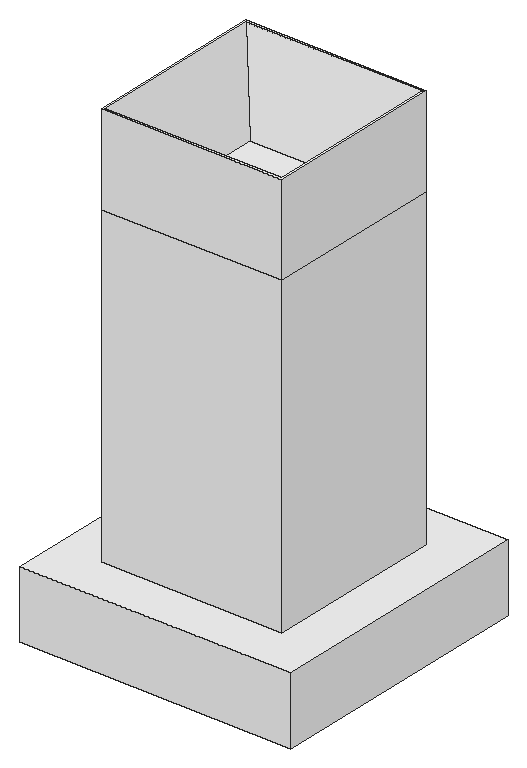
Revit family "Voila 4 Cuboid Surface", category Lighting Fixtures, host Face, Revit 2015
Parameters
  Wattage = 9.2903 W
  built-in parameter 1150110 = 1 (stored number, unit not read)
  Voltage = if([120 Volts], 120 V, if([277 Volts], 277 V, if([277 Volts], 347 V, if([UNV 120 Volts-277 Volts], 120 V, 120 V))))  # 120 V
  URL = "http://www.lumenwerx.com"
  UNV 120 Volts-277 Volts = no
  built-in parameter 1114217 = 1 (stored number, unit not read)
  Tilt Angle = -90.00°  # constant formula
  built-in parameter 1150109 = 1 (stored number, unit not read)
  built-in parameter 1150134 = 3
  built-in parameter 1150113 = 1 (stored number, unit not read)
  Photometric Web File = "Generic"
  Optics = Lumenwerx CS Lens
  Mounting Height = if(Conduit Feed, 1.5", 0")  # 1.5"
  Model = "Voila 4 Cuboid Surface"  # constant formula
  Manufacturer = "Lumenwerx"  # constant formula
  built-in parameter 1150105 = 109.82 (stored number, unit not read)
  Lumens = 1380 lm
  built-in parameter 1150115 = 1 (stored number, unit not read)
  Luminaire ID = "VO4CS"
  Link to Product Page = "http://lumenwerx.com/en/product-line/voila-4-cylinder-cuboid-2/"
  Link to IES File = ""
  built-in parameter 1150137 = (empty or 0)
  built-in parameter 1150139 = (empty or 0)
  built-in parameter 1150112 = 1 (stored number, unit not read)
  built-in parameter 1150114 = 1 (stored number, unit not read)
  Lamp = "LED"  # constant formula
  built-in parameter 1150132 = (empty or 0)
  built-in parameter 1150102 = (empty or 0)
  built-in parameter 1150107 = 3200 (stored number, unit not read)
  built-in parameter 1150138 = (empty or 0)
  built-in parameter 1150106 = 1.0982 (stored number, unit not read)
  Fixture Width = 4"
  Fixture Height = 9"
  Finish = Lumenwerx Standard White
  built-in parameter 1150104 = 13.8 (stored number, unit not read)
  Dimming Lamp Color Temperature Shift = <None>
  Default Elevation = 48"
  Conduit Feed = yes
  Color Temperature = 0 K
  Color Filter = 16777215
  built-in parameter 1114218 = 1 (stored number, unit not read)
  Baffle Position = 1"
  built-in parameter 1150133 = 10 (stored number, unit not read)
  Apparent Load = 0 VA
  347 Volts = no
  277 Volts = no
  120 Volts = yes
Reference planes (in)
  plane 1 "Center (Front/Back)": y = 0
  plane 2: z = 0
  plane 3 "Center (Left/Right)": x = 0
  plane 4: x = -2
  plane 5: x = 2
Forms (in)
  Revolve 1, solid, not visible
    sketch origin (0, 0, 0) x (1, 0, 0) y (0, 0, 1)
      loop
        line (0, 0.25) -> (-1, 0.25) -> (-1, 0) -> (-0.96777, 0) -> (-0.96777, 0.21676) -> (0, 0.21676) -> (0, 0.25)
      axis (0, 0.25) -> (0, 0)
    angle from 0 to 360
  Revolve 2, solid, not visible
    sketch origin (0, 0, -2.75) x (1, 0, 0) y (0, 0, 1)
      loop
        line (0, 3) -> (0.175, 3) -> (0.175, 4) -> (0, 4) -> (0, 3)
      axis (0, 4) -> (0, 3)
    angle from 0 to 360
  Revolve 3, solid, not visible
    sketch origin (0, 0, 0) x (1, 0, 0) y (0, 0, 1)
      loop
        line (0, 1.25) -> (0, 11.25) -> (-0.03134, 11.25) -> (-0.03134, 1.25) -> (0, 1.25)
      axis (0, 1.25) -> (0, 11.25)
    angle from 0 to 360
  Extrusion 4, solid, material "Lumenwerx Standard White" <- "Finish", not visible
    sketch origin (0, 0, 0) x (1, 0, 0) y (0, 1, 0)
      loop
        line (-1.91, 0.66) -> (-1.91, -0.66) -> (1.91, -0.66) -> (1.91, 0.66) -> (-1.91, 0.66)
    from 31.6 to 32
  Extrusion 5, void, not visible
    sketch origin (0, 0, 0) x (1, 0, 0) y (0, 1, 0)
      loop
        line (-1.86, 0.61) -> (-1.86, -0.61) -> (-0.66, -0.61) -> (-0.66, 0.61) -> (-1.86, 0.61)
      loop
        line (1.86, -0.61) -> (1.86, 0.61) -> (0.66, 0.61) -> (0.66, -0.61) -> (1.86, -0.61)
      loop
        line (-0.6, 0.61) -> (-0.6, -0.61) -> (0.6, -0.61) -> (0.6, 0.61) -> (-0.6, 0.61)
    from 32 to 31.6
  Extrusion 6, solid, material "Lumenwerx Standard White" <- "Finish"
    sketch origin (0, 0, 0) x (1, 0, 0) y (0, 1, 0)
      loop
        line (-2, 2) -> (-2, -2) -> (2, -2) -> (2, 2) -> (-2, 2)
      loop
        line (-1.96, 1.96) -> (-1.96, -1.96) -> (1.96, -1.96) -> (1.96, 1.96) -> (-1.96, 1.96)
    from 1.5 to 8.5
  Extrusion 7, solid, material "Lumenwerx Standard White" <- "Finish", visible <- "Conduit Feed"
    sketch origin (0, 0, 0) x (1, 0, 0) y (0, 1, 0)
      loop
        line (-3, 3) -> (-3, -3) -> (3, -3) -> (3, 3) -> (-3, 3)
    from 0 to 1.5
  Extrusion 8, solid, material "Lumenwerx Standard White" <- "Finish"
    sketch origin (0, 0, 0) x (1, 0, 0) y (0, 1, 0)
      loop
        line (-2, 2) -> (-2, -2) -> (2, -2) -> (2, 2) -> (-2, 2)
    from 8.5 to 10.5
  Blend 9, void
    base sketch origin (0, 0, 0) x (1, 0, 0) y (0, 1, 0)
      loop
        line (-1.96, 1.96) -> (-1.96, -1.96) -> (1.96, -1.96) -> (1.96, 1.96) -> (-1.96, 1.96)
    top sketch origin (0, 0, 0) x (1, 0, 0) y (0, 1, 0)
      loop
        line (-1.50053, 1.50053) -> (-1.50053, -1.50053) -> (1.50053, -1.50053) -> (1.50053, 1.50053) -> (-1.50053, 1.50053)
    from 10.5 to 8.5
  Extrusion 10, solid, material "Lumenwerx CS Lens" <- "Optics"
    sketch origin (0, 0, 0) x (1, 0, 0) y (0, 1, 0)
      loop
        line (-1.50053, 1.50053) -> (-1.50053, -1.50053) -> (1.50053, -1.50053) -> (1.50053, 1.50053) -> (-1.50053, 1.50053)
    from 8.43 to 8.5
Cuts and joins
  Blend 9 cuts Extrusion 7
  Blend 9 cuts Extrusion 8
Lines and regions (in)
  reference lines
    curve 1: line (0, 29.015, 10.5) -> (0, -29.735, 10.5)
    curve 2: line (0, 29.015, 1.5) -> (0, -29.735, 1.5)
    curve 3: line (-2, 0, -16) -> (-2, 0, 67.75)
    curve 4: line (2, 0, -16) -> (2, 0, 67.75)
    curve 5: line (0, -2, -16) -> (0, -2, 47.5)
    curve 6: line (0, 2, 63.77586) -> (0, 2, -24)
    curve 7: line (-32.56803, 0, 36) -> (37.43197, 0, 36)
    curve 8: line (-32.56803, 2, 0) -> (37.43197, 2, 0)
    curve 9: line (37.43197, -2, 0) -> (-32.56803, -2, 0)
    curve 10: line (0, 29.015, 8.5) -> (0, -29.735, 8.5)
    curve 11: line (0, 12, 8.43) -> (0, -12, 8.43)
Dimensions and locks (in)
  curve 4 to curve 3 = 4"
  "Fixture Height": curve 2 to curve 1
  equal spacing: curve 4, plane 3 "Center (Left/Right)", curve 3
  equal spacing: curve 6, curve 3, curve 5
  "Fixture Width": curve 6 to curve 5
  connector elem to curve 4 = 2"
  curve 7 to host face = 36"
  "Mounting Height": host face to curve 2
  equal spacing: curve 9, curve 7, curve 8
  "Fixture Width": curve 9 to curve 8
  equal spacing: plane 4, plane 3 "Center (Left/Right)", plane 5
  "Fixture Width": plane 4 to plane 5
  locked: curve 10 to curve 1 at 2
  locked: curve 11 to curve 10 at 0.07
  aligned and locked: plane 2 to host face
  aligned and locked: level to host face
  aligned and locked: imposter light to plane 1 "Center (Front/Back)"
  aligned and locked: curve 2 to Extrusion 6
  aligned and locked: curve 8 to Extrusion 6 sketch curve
  aligned and locked: plane 4 to Extrusion 6 sketch curve
  aligned and locked: curve 9 to Extrusion 6 sketch curve
  aligned and locked: Extrusion 6 sketch curve to plane 5
  aligned and locked: curve 8 to Extrusion 8 sketch curve
  aligned and locked: plane 4 to Extrusion 8 sketch curve
  aligned and locked: curve 9 to Extrusion 8 sketch curve
  aligned and locked: Extrusion 8 sketch curve to plane 5
  aligned and locked: curve 10 to Extrusion 8
  aligned and locked: Extrusion 8 to curve 1
  aligned and locked: Extrusion 6 to curve 10
  aligned and locked: Blend 9 sketch curve to Extrusion 6  (x4)
  aligned and locked: Blend 9 to curve 1
  aligned and locked: curve 10 to cut or joined group of Extrusion 8, Blend 9
  aligned and locked: imposter light to curve 10
  aligned and locked: Extrusion 10 to curve 10
  aligned and locked: curve 11 to Extrusion 10
Automatic sketch dimensions
  Revolve 1 sketch curve to Revolve 1 sketch curve = 0.96777"
  Revolve 1 sketch curve to Revolve 1 sketch curve = 0.03324"
  Revolve 1 sketch curve to Revolve 1 sketch curve = 0"
  Revolve 1 sketch curve to Revolve 1 sketch curve = 0.11081"
  Revolve 2 sketch curve to Revolve 2 sketch curve = 0.175"
  Revolve 2 sketch curve to Revolve 2 sketch curve = 1"
  Revolve 2 sketch curve to Revolve 2 sketch curve = 0"  (x2)
  Revolve 2 sketch curve to Revolve 2 sketch curve = 0.5"
  Revolve 3 sketch curve to Revolve 3 sketch curve = 10"
  Revolve 3 sketch curve to Revolve 3 sketch curve = 0"  (x2)
  Revolve 3 sketch curve to Revolve 3 sketch curve = 1.25"
  Revolve 1 sketch curve to Revolve 1 sketch curve = 0.03223"
  Revolve 1 sketch curve to Revolve 1 sketch curve = 0.21676"  (x2)
  Revolve 3 sketch curve to Revolve 3 sketch curve = 0.03134"
  host sketch curve to host sketch curve = 96"  (x2)
  Extrusion 5 sketch curve to Extrusion 5 sketch curve = 0.06"  (x2)
  Extrusion 5 sketch curve to Extrusion 5 sketch curve = 1.2"  (x3)
  Extrusion 5 sketch curve to Extrusion 5 sketch curve = 0"  (x3)
  Extrusion 4 sketch curve to Extrusion 4 sketch curve = 3.82"
  Extrusion 4 sketch curve to Extrusion 4 sketch curve = 1.32"
  Extrusion 5 sketch curve to Extrusion 5 sketch curve = 1.22"  (x2)
  curve 7 to plane 3 "Center (Left/Right)" = 32.56803"
  plane 3 "Center (Left/Right)" to curve 7 = 37.43197"
  curve 3 to level = 16"
  curve 4 to curve 3 = 0"
  curve 7 to curve 4 = 31.75"
  curve 3 to curve 4 = 0"
  plane 3 "Center (Left/Right)" to Extrusion 7 sketch curve = 3"
  plane 1 "Center (Front/Back)" to Extrusion 7 sketch curve = 3"
  Extrusion 7 sketch curve to plane 1 "Center (Front/Back)" = 3"
  Extrusion 7 sketch curve to plane 3 "Center (Left/Right)" = 3"
  Extrusion 6 sketch curve to Extrusion 6 sketch curve = 0.04"  (x2)
  plane 4 to Extrusion 6 sketch curve = 0.04"
  Extrusion 6 sketch curve to plane 5 = 0.04"
  Blend 9 sketch curve to plane 3 "Center (Left/Right)" = 1.50053"
  plane 4 to Blend 9 sketch curve = 0.49947"
  Blend 9 sketch curve to plane 1 "Center (Front/Back)" = 1.50053"
  Blend 9 sketch curve to plane 5 = 0.49947"
  plane 1 "Center (Front/Back)" to Blend 9 sketch curve = 1.50053"  (x2)
  plane 4 to Extrusion 10 sketch curve = 0.49947"
  Extrusion 10 sketch curve to plane 5 = 0.49947"
  plane 1 "Center (Front/Back)" to Extrusion 10 sketch curve = 1.50053"
  Extrusion 10 sketch curve to plane 1 "Center (Front/Back)" = 1.50053"
  curve 9 to plane 4 = 30.56803"
  curve 8 to curve 9 = 0"  (x2)
  plane 5 to curve 9 = 35.43197"
  plane 1 "Center (Front/Back)" to curve 11 = 12"
  curve 2 to curve 11 = 17.735"
  curve 10 to curve 2 = 0"
  curve 1 to curve 10 = 0"
  curve 11 to plane 1 "Center (Front/Back)" = 12"
  curve 11 to curve 2 = 17.015"
  curve 1 to curve 2 = 0"
  curve 10 to curve 1 = 0"
  curve 5 to level = 16"
  curve 6 to curve 5 = 8"
  curve 11 to curve 5 = 39.07"
  curve 5 to curve 6 = 16.27586"
Connectors (in)
  electrical at (0, 0, 0), driven by "Voltage"
    settings: index 1, voltage 120 V, apparent load 0 VA, apparent load phase1 0 VA, apparent load phase2 0 VA, apparent load phase3 0 VA, power factor 1, load classification "Other", number of poles 1, system type 31, power factor state 1, is connector primary yes, connector utility no, sub classification motor no, connector description ""
